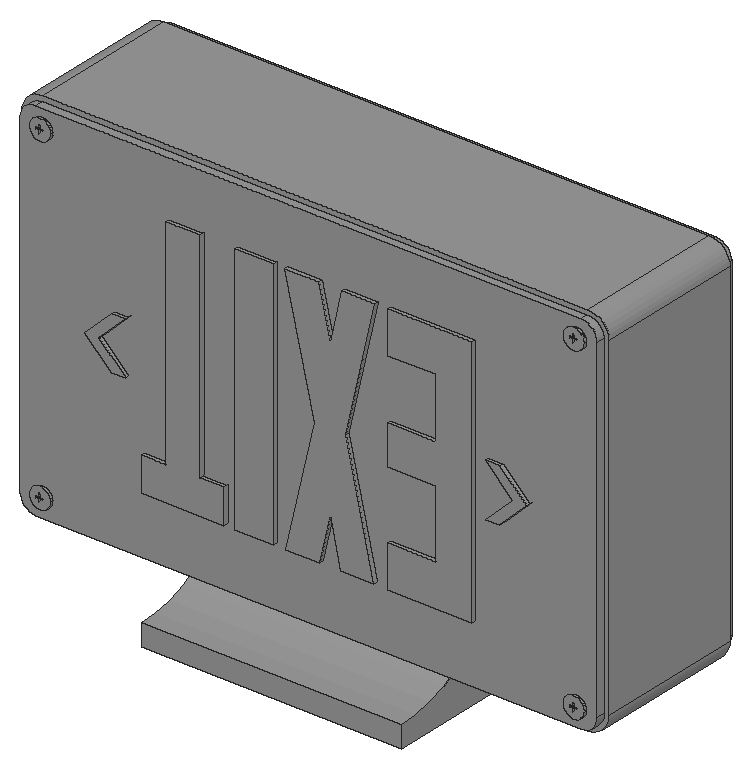
Revit family "FTZ-HT-SA-LR-LG-U-U-WW-1", category Lighting Fixtures, host Face, Revit 2026
Family settings
  Host = Face
  Round Connector Dimension = Use Diameter
  Part Type = Normal
  Cut with Voids When Loaded = No
  Light Source = No
  Maintain Annotation Orientation = No
  Shared = No
  Room Calculation Point = No
Parameters (values of type "FTZ-SA-LR-U-U-WW")
  Wattage Comments = "2 W"
  Type Image = FORTEZA PICTURE.PNG
  Type Comments = "The Fortezza™ series vandal resistant exit sign is designed to stand up to high abuse areas such as correctional facilities, schools, apartment complexes, and public areas that may be subject to vandalism."
  Model = "FTZ-HT-LG-U-U-WW"
  Manufacturer = "BEGHELLI"
  Lamp = "LED"
  LETTER MATERIAL = LETTER MATERIAL RED
  Description = "The FORTEZZA™ series is constructed from .420” thick, heavy\r\nduty cast aluminum. The faceplates are protected by high abuse\r\nclear polycarbonate, which is recessed into the housing. Tamper\r\nresistant screws are standard. The FORTEZZA™ series comes\r\nstandard black although colour options are available upon request.\r\nSingle or double versions must be specified. The self-powered\r\nversion comes standard with an external LED status indicator and\r\ntest switch."
  Default Elevation = 4' - 0"
  BODY MATERIAL = BODY MATERIAL
Types (5): name | Model | LETTER MATERIAL
  (no name) | "FTZ-HT-LG-U-U-WW" | LETTER MATERIAL RED
  FTZ-HT-LR-U-U-WW | "FTZ-HT-LG-U-U-WW" | LETTER MATERIAL RED
  FTZ-HT-LG-U-U-WW | "FTZ-SA-LG-U-U-WW" | LETTERS MATERIAL GREEN
  FTZ-SA-LG-U-U-WW | "FTZ-SA-LG-U-U-WW" | LETTERS MATERIAL GREEN
  FTZ-SA-LR-U-U-WW | "FTZ-HT-LG-U-U-WW" | LETTER MATERIAL RED
Reference planes (in)
  plane 1 "Center (Front/Back)": y = 0
  plane 2: z = 0
  plane 3 "Center (Left/Right)": x = 0
Dimensions and locks (in)
  aligned and locked: plane 2 to host face
  aligned and locked: level to host face
  aligned and locked: nested 2 to nested 1
Nested families (in)
  nested 1: "FTZ BASE" at (0, 0, 0) x (0, -1, 0) z (0, 0, 1), type "FTZ BASE"
  nested 2: "FTZ BODY" at (0, 0, -0.34375), type "FTZ BODY"
Definition of nested family "FTZ BASE"
  Parameters (values of type "FTZ BASE")
    Default Elevation = 0' - 0"
    BODY MATERIAL = none
  Reference planes (in)
    plane 1 "Center (Front/Back)": y = 0
    plane 2: z = 0
    plane 3 "Center (Left/Right)": x = 0
    plane 4: x = -3.1
    plane 5: x = 3.1
    plane 6: y = 3.1
    plane 7: y = -3.1
    plane 8: z = 1
    plane 9: z = 0.5
    plane 10: x = -1.5
  Forms (in)
    Extrusion 1, solid, material <- "BODY MATERIAL"
      sketch origin (0, 0, 0) x (1, 0, 0) y (0, 0, 1)
        loop
          line (-3.1, 0) -> (3.1, 0) -> (3.1, 0.5)
          arc (3.1, 0.5) -> (2.25729, 0.61332) -> (1.5, 1) r 2.52452
          line (1.5, 1) -> (0, 1) -> (-1.5, 1)
          arc (-1.5, 1) -> (-2.25729, 0.61332) -> (-3.1, 0.5) r 2.52452
          line (-3.1, 0.5) -> (-3.1, 0)
      from -3.1 to 3.1
  Dimensions and locks (in)
    plane 4 to plane 3 "Center (Left/Right)" = 0' - 3.1"
    aligned and locked: plane 2 to level
Definition of nested family "FTZ BODY"
  Parameters (values of type "FTZ BODY")
    LETTERS MATERIAL = none
    Default Elevation = 0' - 0"
    BODY MATERIAL = none
  Reference planes (in)
    plane 1 "Center (Front/Back)": y = 0
    plane 2: z = 0
    plane 3 "Center (Left/Right)": x = 0
    plane 4: x = -7
    plane 5: x = 7
    plane 6: y = -1.8
    plane 7: y = 1.8
    plane 8: y = -2
    plane 9: y = 2
    plane 10: z = 1.34375
    plane 11: z = 10.34375
  Forms (in)
    Extrusion 1, solid, material <- "BODY MATERIAL"
      sketch origin (0, 0, 1.34375) x (1, 0, 0) y (0, 0, 1)
        loop
          arc (-6.5, 9) -> (-6.85355, 8.85355) -> (-7, 8.5) r 0.5
          line (-7, 8.5) -> (-7, 0.5)
          arc (-7, 0.5) -> (-6.85355, 0.14645) -> (-6.5, 0) r 0.5
          line (-6.5, 0) -> (6.5, 0)
          arc (6.5, 0) -> (6.85355, 0.14645) -> (7, 0.5) r 0.5
          line (7, 0.5) -> (7, 8.5)
          arc (7, 8.5) -> (6.85355, 8.85355) -> (6.5, 9) r 0.5
          line (6.5, 9) -> (-6.5, 9)
        loop
          arc (-6.5, 8.87891) -> (-6.76793, 8.76793) -> (-6.87891, 8.5) r 0.37891
          line (-6.87891, 8.5) -> (-6.87891, 0.5)
          arc (-6.87891, 0.5) -> (-6.76793, 0.23207) -> (-6.5, 0.12109) r 0.37891
          line (-6.5, 0.12109) -> (6.5, 0.12109)
          arc (6.5, 0.12109) -> (6.76793, 0.23207) -> (6.87891, 0.5) r 0.37891
          line (6.87891, 0.5) -> (6.87891, 8.5)
          arc (6.87891, 8.5) -> (6.76793, 8.76793) -> (6.5, 8.87891) r 0.37891
          line (6.5, 8.87891) -> (-6.5, 8.87891)
      from -1.8 to 1.8
    Extrusion 2, solid, material <- "BODY MATERIAL"
      sketch origin (0, 0, 1.34375) x (1, 0, 0) y (0, 0, 1)
        loop
          arc (-6.5, 8.87891) -> (-6.76793, 8.76793) -> (-6.87891, 8.5) r 0.37891
          line (-6.87891, 8.5) -> (-6.87891, 0.5)
          arc (-6.87891, 0.5) -> (-6.76793, 0.23207) -> (-6.5, 0.12109) r 0.37891
          line (-6.5, 0.12109) -> (6.5, 0.12109)
          arc (6.5, 0.12109) -> (6.76793, 0.23207) -> (6.87891, 0.5) r 0.37891
          line (6.87891, 0.5) -> (6.87891, 8.5)
          arc (6.87891, 8.5) -> (6.76793, 8.76793) -> (6.5, 8.87891) r 0.37891
          line (6.5, 8.87891) -> (-6.5, 8.87891)
      from -2 to 2
    Extrusion 3, solid, material <- "BODY MATERIAL"
      sketch origin (0, 0, 1.34375) x (1, 0, 0) y (0, 0, 1)
        loop
          circle (6.36386, 8.43392) r 0.25
        loop
          line (6.34888, 8.53162) -> (6.34888, 8.46608) -> (6.27127, 8.46608) -> (6.27127, 8.4207) -> (6.34888, 8.4207) -> (6.34888, 8.33998) -> (6.39451, 8.33998) -> (6.39451, 8.4207) -> (6.46064, 8.4207) -> (6.46064, 8.46608) -> (6.39451, 8.46608) -> (6.39451, 8.53162) -> (6.34888, 8.53162)
      from 1.68693 to 2.05199
    Extrusion 4, solid, material <- "BODY MATERIAL"
      sketch origin (0, 0, 1.34375) x (-1, 0, 0) y (0, 0, -1)
        loop
          circle (6.36386, -8.43392) r 0.25
        loop
          line (6.34888, -8.53162) -> (6.39451, -8.53162) -> (6.39451, -8.46608) -> (6.46064, -8.46608) -> (6.46064, -8.4207) -> (6.39451, -8.4207) -> (6.39451, -8.33998) -> (6.34888, -8.33998) -> (6.34888, -8.4207) -> (6.27127, -8.4207) -> (6.27127, -8.46608) -> (6.34888, -8.46608) -> (6.34888, -8.53162)
      from 1.68693 to 2.05199
    Extrusion 5, solid, material <- "BODY MATERIAL"
      sketch origin (0, 0, 10.34375) x (1, 0, 0) y (0, 0, 1)
        loop
          circle (6.36386, -8.43392) r 0.25
        loop
          line (6.34888, -8.53162) -> (6.39451, -8.53162) -> (6.39451, -8.46608) -> (6.46064, -8.46608) -> (6.46064, -8.4207) -> (6.39451, -8.4207) -> (6.39451, -8.33998) -> (6.34888, -8.33998) -> (6.34888, -8.4207) -> (6.27127, -8.4207) -> (6.27127, -8.46608) -> (6.34888, -8.46608) -> (6.34888, -8.53162)
      from 1.68693 to 2.05199
    Extrusion 6, solid, material <- "BODY MATERIAL"
      sketch origin (0, 0, 10.34375) x (-1, 0, 0) y (0, 0, -1)
        loop
          circle (6.36386, 8.43392) r 0.25
        loop
          line (6.34888, 8.53162) -> (6.34888, 8.46608) -> (6.27127, 8.46608) -> (6.27127, 8.4207) -> (6.34888, 8.4207) -> (6.34888, 8.33998) -> (6.39451, 8.33998) -> (6.39451, 8.4207) -> (6.46064, 8.4207) -> (6.46064, 8.46608) -> (6.39451, 8.46608) -> (6.39451, 8.53162) -> (6.34888, 8.53162)
      from 1.68693 to 2.05199
    Extrusion 7, solid, material <- "BODY MATERIAL"
      sketch origin (0, 0, 10.34375) x (1, 0, 0) y (0, 0, -1)
        loop
          circle (6.36386, 8.43392) r 0.25
        loop
          line (6.34888, 8.53162) -> (6.34888, 8.46608) -> (6.27127, 8.46608) -> (6.27127, 8.4207) -> (6.34888, 8.4207) -> (6.34888, 8.33998) -> (6.39451, 8.33998) -> (6.39451, 8.4207) -> (6.46064, 8.4207) -> (6.46064, 8.46608) -> (6.39451, 8.46608) -> (6.39451, 8.53162) -> (6.34888, 8.53162)
      from 1.68693 to 2.05199
    Extrusion 8, solid, material <- "BODY MATERIAL"
      sketch origin (0, 0, 10.34375) x (-1, 0, 0) y (0, 0, 1)
        loop
          circle (6.36386, -8.43392) r 0.25
        loop
          line (6.34888, -8.53162) -> (6.39451, -8.53162) -> (6.39451, -8.46608) -> (6.46064, -8.46608) -> (6.46064, -8.4207) -> (6.39451, -8.4207) -> (6.39451, -8.33998) -> (6.34888, -8.33998) -> (6.34888, -8.4207) -> (6.27127, -8.4207) -> (6.27127, -8.46608) -> (6.34888, -8.46608) -> (6.34888, -8.53162)
      from 1.68693 to 2.05199
    Extrusion 9, solid, material <- "BODY MATERIAL"
      sketch origin (0, 0, 1.34375) x (1, 0, 0) y (0, 0, -1)
        loop
          circle (6.36386, -8.43392) r 0.25
        loop
          line (6.34888, -8.53162) -> (6.39451, -8.53162) -> (6.39451, -8.46608) -> (6.46064, -8.46608) -> (6.46064, -8.4207) -> (6.39451, -8.4207) -> (6.39451, -8.33998) -> (6.34888, -8.33998) -> (6.34888, -8.4207) -> (6.27127, -8.4207) -> (6.27127, -8.46608) -> (6.34888, -8.46608) -> (6.34888, -8.53162)
      from 1.68693 to 2.05199
    Extrusion 10, solid, material <- "BODY MATERIAL"
      sketch origin (0, 0, 1.34375) x (-1, 0, 0) y (0, 0, 1)
        loop
          circle (6.36386, 8.43392) r 0.25
        loop
          line (6.34888, 8.53162) -> (6.34888, 8.46608) -> (6.27127, 8.46608) -> (6.27127, 8.4207) -> (6.34888, 8.4207) -> (6.34888, 8.33998) -> (6.39451, 8.33998) -> (6.39451, 8.4207) -> (6.46064, 8.4207) -> (6.46064, 8.46608) -> (6.39451, 8.46608) -> (6.39451, 8.53162) -> (6.34888, 8.53162)
      from 1.68693 to 2.05199
  Dimensions and locks (in)
    plane 9 to plane 8 = 0' - 4"
    plane 11 to plane 10 = 0' - 9"
    plane 5 to plane 4 = 1' - 2"
    aligned and locked: plane 2 to level
  Nested families (in)
    nested 1: "letters left" at (0, 3.87208, 2.89715), type "LETTERS"
    nested 2: "letters right" at (-0.5625, -3.89474, 2.88938), type "LETTERS"
  Definition of nested family "letters left"
    Parameters (values of type "LETTERS")
      LETTERS = none
      Default Elevation = 0' - 0"
    Reference planes (in)
      plane 1 "Center (Front/Back)": y = 0
      plane 2: z = 0
      plane 3 "Center (Left/Right)": x = 0
      plane 4: y = -1.8
      plane 5: y = -2
    Forms (in)
      Extrusion 1, solid, material <- "LETTERS"
        sketch origin (0, 0, 7.56159) x (1, 0, 0) y (0, 0, 1)
          loop
            line (-3.96514, -7.56159) -> (-1.96514, -7.56159) -> (-1.96514, -6.56159) -> (-3.10481, -6.56159) -> (-3.10481, -4.93659) -> (-1.96514, -4.93659) -> (-1.96514, -4.00068) -> (-3.10481, -4.00068) -> (-3.10481, -2.56159) -> (-1.96514, -2.56159) -> (-1.96514, -1.56159) -> (-3.96514, -1.56159) -> (-3.96514, -7.56159)
        from 1.8 to 2
      Extrusion 2, solid, material <- "LETTERS"
        sketch origin (0, 0, 7.56159) x (1, 0, 0) y (0, 0, 1)
          loop
            line (-1.62734, -7.56159) -> (-0.84609, -7.56159) -> (-0.58752, -6.44159) -> (-0.32895, -7.56159) -> (0.46795, -7.56159) -> (-0.21408, -4.60737) -> (0.48909, -1.56159) -> (-0.30782, -1.56159) -> (-0.58752, -2.77314) -> (-0.86723, -1.56159) -> (-1.64848, -1.56159) -> (-0.94531, -4.60737) -> (-1.62734, -7.56159)
        from 1.8 to 2
      Extrusion 3, solid, material <- "LETTERS"
        sketch origin (0, 0, 7.56159) x (1, 0, 0) y (0, 0, 1)
          loop
            line (0.77206, -7.56159) -> (1.6945, -7.56159) -> (1.6945, -1.56159) -> (0.77206, -1.56159) -> (0.77206, -7.56159)
        from 1.8 to 2
      Extrusion 4, solid, material <- "LETTERS"
        sketch origin (0, 0, 7.56159) x (1, 0, 0) y (0, 0, 1)
          loop
            line (1.9445, -7.56159) -> (3.90781, -7.56159) -> (3.90781, -6.74794) -> (3.33682, -6.74794) -> (3.33682, -1.56159) -> (2.51549, -1.56159) -> (2.51549, -6.74794) -> (1.9445, -6.74794) -> (1.9445, -7.56159)
        from 1.8 to 2
      Extrusion 5, solid, material <- "LETTERS"
        sketch origin (0, 0, 7.56159) x (1, 0, 0) y (0, 0, 1)
          loop
            line (-4.29683, -5.24703) -> (-4.93009, -4.61377) -> (-4.29683, -3.98052) -> (-4.63381, -3.98052) -> (-5.26707, -4.61377) -> (-4.63381, -5.24703) -> (-4.29683, -5.24703)
        from 1.8 to 2
      Extrusion 6, solid, material <- "LETTERS"
        sketch origin (0, 0, 7.56159) x (-1, 0, 0) y (0, 0, -1)
          loop
            line (-4.29683, 5.24703) -> (-4.63381, 5.24703) -> (-5.26707, 4.61377) -> (-4.63381, 3.98052) -> (-4.29683, 3.98052) -> (-4.93009, 4.61377) -> (-4.29683, 5.24703)
        from 1.8 to 2
    Dimensions and locks (in)
      aligned and locked: plane 2 to level
  Definition of nested family "letters right"
    Parameters (values of type "LETTERS")
      LETTERS = none
      Default Elevation = 0' - 0"
    Reference planes (in)
      plane 1 "Center (Front/Back)": y = 0
      plane 2: z = 0
      plane 3 "Center (Left/Right)": x = 0
      plane 4: y = -1.8
      plane 5: y = -2
      plane 6: y = 1.8
      plane 7: y = 2
    Forms (in)
      Extrusion 1, solid, material <- "LETTERS"
        sketch origin (0.56684, 0, 7.56815) x (-1, 0, 0) y (0, 0, 1)
          loop
            line (-3.96514, -7.56159) -> (-1.96514, -7.56159) -> (-1.96514, -6.56159) -> (-3.10481, -6.56159) -> (-3.10481, -4.93659) -> (-1.96514, -4.93659) -> (-1.96514, -4.00068) -> (-3.10481, -4.00068) -> (-3.10481, -2.56159) -> (-1.96514, -2.56159) -> (-1.96514, -1.56159) -> (-3.96514, -1.56159) -> (-3.96514, -7.56159)
        from 1.8 to 2
      Extrusion 2, solid, material <- "LETTERS"
        sketch origin (0.56684, 0, 7.56815) x (-1, 0, 0) y (0, 0, 1)
          loop
            line (-1.62734, -7.56159) -> (-0.84609, -7.56159) -> (-0.58752, -6.44159) -> (-0.32895, -7.56159) -> (0.46795, -7.56159) -> (-0.21408, -4.60737) -> (0.48909, -1.56159) -> (-0.30782, -1.56159) -> (-0.58752, -2.77314) -> (-0.86723, -1.56159) -> (-1.64848, -1.56159) -> (-0.94531, -4.60737) -> (-1.62734, -7.56159)
        from 1.8 to 2
      Extrusion 3, solid, material <- "LETTERS"
        sketch origin (0.56684, 0, 7.56815) x (-1, 0, 0) y (0, 0, 1)
          loop
            line (0.77206, -7.56159) -> (1.6945, -7.56159) -> (1.6945, -1.56159) -> (0.77206, -1.56159) -> (0.77206, -7.56159)
        from 1.8 to 2
      Extrusion 4, solid, material <- "LETTERS"
        sketch origin (0.56684, 0, 7.56815) x (-1, 0, 0) y (0, 0, 1)
          loop
            line (1.9445, -7.56159) -> (3.90781, -7.56159) -> (3.90781, -6.74794) -> (3.33682, -6.74794) -> (3.33682, -1.56159) -> (2.51549, -1.56159) -> (2.51549, -6.74794) -> (1.9445, -6.74794) -> (1.9445, -7.56159)
        from 1.8 to 2
      Extrusion 5, solid, material <- "LETTERS"
        sketch origin (0.56684, 0, 7.56815) x (-1, 0, 0) y (0, 0, 1)
          loop
            line (-4.29683, -5.24703) -> (-4.93009, -4.61377) -> (-4.29683, -3.98052) -> (-4.63381, -3.98052) -> (-5.26707, -4.61377) -> (-4.63381, -5.24703) -> (-4.29683, -5.24703)
        from 1.8 to 2
      Extrusion 6, solid, material <- "LETTERS"
        sketch origin (0.56684, 0, 7.56815) x (1, 0, 0) y (0, 0, -1)
          loop
            line (-4.29683, 5.24703) -> (-4.63381, 5.24703) -> (-5.26707, 4.61377) -> (-4.63381, 3.98052) -> (-4.29683, 3.98052) -> (-4.93009, 4.61377) -> (-4.29683, 5.24703)
        from 1.8 to 2
    Dimensions and locks (in)
      aligned and locked: plane 2 to level
